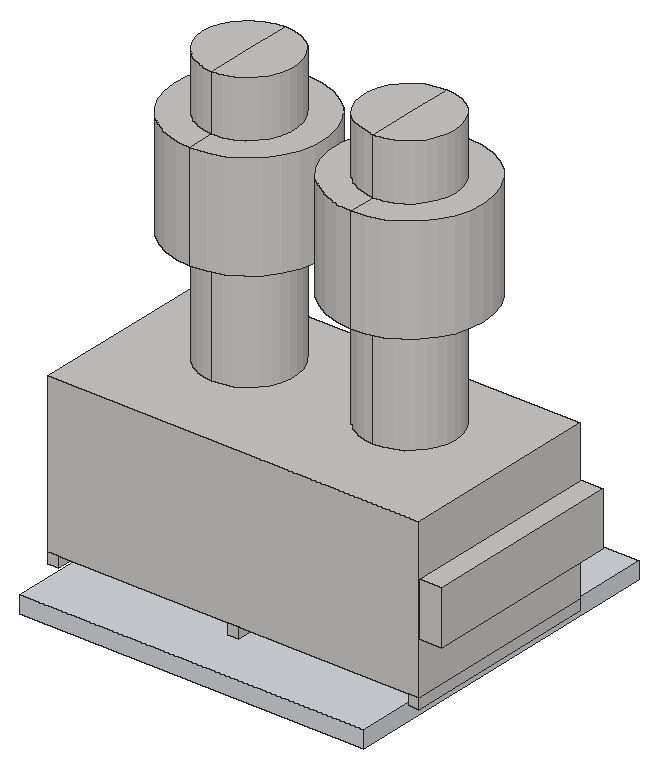
Revit family "DC_Rheem_PLM_B3804HWT", category Plumbing Fixtures, host Face, Revit 2017
Family settings
  Host = Face
  Round Connector Dimension = Use Radius
  Part Type = Normal
  Cut with Voids When Loaded = No
  Shared = No
  Room Calculation Point = No
Parameters
  Width_ANZRS = 1430 mm
  URL = "http://www.rheem.com.au/CommercialProducts"
  Type Comments = "Recovery 14534L/h @ 50°C rise\r\n"
  TopSmallDiameter_ANZRS = 650 mm
  TopH2_ANZRS = 750 mm
  TopH1_ANZRS = 400 mm
  TopBigDiameter_ANZRS = 1050 mm
  Materials_ANZRS = Raypak - Stainless Steel
  PVRRadius_ANZRS = 15 mm
  PVRDistance_ANZRS = 400 mm
  Model = "B3804NCM/HWT\r\n"
  Manufacturer = "Raypak\r\n"
  Length_ANZRS = 2635 mm
  HotWaterPipeDistance_ANZRS = 235 mm
  HotWaterPipeRadius_ANZRS = 20 mm
  Height_ANZRS = 3165 mm
  Gas Pipe Radius = 15 mm
  GasPipeHeight_ANZRS = 600 mm
  GasPipeDistance_ANZRS = 210 mm
  EleBoxWidth_ANZRS = 160 mm
  EleBoxHeightFromBase_ANZRS = 450 mm
  EleBoxHeight_ANZRS = 380 mm
  DesignBy_ANZRS = "Design Content ©"
  Description = "Raypak - Gas Water Heater- Outdoor - 3804 MJ/h  Natural gas, modulating gas control\r\n"
  Default Elevation = 1219.2 mm
  Connection Height_ANZRS = 910 mm
  ColdWaterPipeRadius_ANZRS = 20 mm
  ColdWaterPipeDistance_ANZRS = 567 mm
  BoxHeight_ANZRS = 1195 mm
  BaseWidth_ANZRS = 75 mm
  BaseHeight_ANZRS = 75 mm
  BaseDistance_ANZRS = 0 mm
  Author_ANZRS = "DM"
  Assembly Code = ""
  A1_ANZRS = 746 mm
Types (5, lengths in mm): name | Type Comments | Model | Description
  (no name) | "Recovery 14534L/h @ 50°C rise\r\n" | "B3804NCM/HWT\r\n" | "Raypak - Gas Water Heater- Outdoor - 3804 MJ/h  Natural gas, modulating gas control\r\n"
  Raypak - Gas Water Heater- Outdoor - 3804 MJ/h  Natural gas, modulating gas control | "Recovery 14534L/h @ 50°C rise\r\n" | "B3804NCM/HWT\r\n" | "Raypak - Gas Water Heater- Outdoor - 3804 MJ/h  Natural gas, modulating gas control\r\n"
  Raypak - Gas Water Heater- Outdoor - 3804 MJ/h  Natural gas, On/Off gas control | "Recovery 14534L/h @ 50°C rise\r\n" | "B3804NCO/HWT\r\n\r\n" | "Raypak - Gas Water Heater- Outdoor - 3804 MJ/h  Natural gas, On/Off gas control\r\n"
  Raypak - Gas Water Heater- Outdoor - 4045 MJ/h  Propane gas, modulating gas control | "Recovery 15409L/h @ 50°C rise\r\n" | "B3804PCM/HWT\r\n\r\n\r\n" | "Raypak - Gas Water Heater- Outdoor - 3804 MJ/h  Natural gas, modulating gas control\r\n"
  Raypak - Gas Water Heater- Outdoor - 4045 MJ/h  Propane gas, On/Off gas control | "Recovery 15409L/h @ 50°C rise\r\n" | "B3804PCO/HWT\r\n" | "Raypak - Gas Water Heater- Outdoor - 4045 MJ/h  Propane gas, On/Off gas control\r\n"
Reference planes
  plane 1 "Center (Front/Back)": y = 0
  plane 2: z = 0
  plane 3 "Center (Left/Right)": x = 0
  plane 4: z = 75
  plane 5: x = -1317.5
  plane 6: x = 1317.5
  plane 7: x = 1477.5
  plane 8: z = 450
  plane 9: z = 1195
  plane 10: x = -1317.5
  plane 11: x = 1317.5
  plane 12: x = -1242.5
  plane 13: x = 1242.5
  plane 14: y = 580
  plane 15: y = -850
  plane 16: z = 3165
  plane 17: z = 2765
  plane 18: z = 2015
  plane 19: y = 325
  plane 20: y = -325
  plane 21: y = 525
  plane 22: y = -525
  plane 23: z = 910
  plane 24: y = 180
  plane 25: y = 345
  plane 26: y = -222
  plane 27: y = -640
  plane 28: z = 600
  plane 29: z = 830
  plane 30: x = -1307.5
  plane 31: x = -1497.5
  plane 32: x = -1397.5
  plane 33: x = -37.5
  plane 34: x = 37.5
  plane 35: x = -571.5
  plane 36: x = 571.5
  plane 37: x = -896.5
  plane 38: x = -246.5
  plane 39: x = -1096.5
  plane 40: x = -46.5
  plane 41: x = 896.5
  plane 42: x = 246.5
  plane 43: x = 1096.5
  plane 44: x = 46.5
Forms (mm)
  Extrusion 1, solid
    sketch origin (0, 0, 0) x (1, 0, 0) y (0, 1, 0)
      loop
        line (-1219.2, 1219.2) -> (-1219.2, -1219.2) -> (1219.2, -1219.2) -> (1219.2, 1219.2) -> (-1219.2, 1219.2)
    from 0 to -120
  Extrusion 2, solid, material "Raypak - Stainless Steel" <- "Materials_ANZRS"
    sketch origin (0, 0, 0) x (1, 0, 0) y (0, 0, 1)
      loop
        line (-1317.5, 75) -> (-1317.5, 0) -> (-1242.5, 0) -> (-1242.5, 75) -> (-1317.5, 75)
      loop
        line (1242.5, 75) -> (1242.5, 0) -> (1317.5, 0) -> (1317.5, 75) -> (1242.5, 75)
      loop
        line (-37.5, 75) -> (-37.5, 0) -> (37.5, 0) -> (37.5, 75) -> (-37.5, 75)
    from -580 to 850
  Extrusion 3, solid, material "Raypak - Stainless Steel" <- "Materials_ANZRS"
    sketch origin (0, 0, 0) x (1, 0, 0) y (0, 1, 0)
      loop
        line (-1317.5, 580) -> (-1317.5, -850) -> (1317.5, -850) -> (1317.5, 580) -> (-1317.5, 580)
    from 75 to 1195
  Revolve 4, solid, material "Raypak - Stainless Steel" <- "Materials_ANZRS"
    sketch origin (-571.5, -4572, 910) x (0, 0, -1) y (0, -1, 0)
      loop
        line (-2255, -4572) -> (-285, -4572) -> (-285, -4247) -> (-1105, -4247) -> (-1105, -4047) -> (-1855, -4047) -> (-1855, -4247) -> (-2255, -4247) -> (-2255, -4572)
      axis (-2255, -4572) -> (-285, -4572)
    angle from 0 to 360
  Extrusion 5, solid, material "Raypak - Stainless Steel" <- "Materials_ANZRS"
    sketch origin (0, 0, 0) x (1, 0, 0) y (0, 0, 1)
      loop
        line (1317.5, 830) -> (1317.5, 450) -> (1477.5, 450) -> (1477.5, 830) -> (1317.5, 830)
    from -580 to 850
  Extrusion 6, solid, material "Raypak - Stainless Steel" <- "Materials_ANZRS"
    sketch origin (0, 0, 0) x (0, 1, 0) y (0, 0, 1)
      loop
        circle (345, 910) r 20
      loop
        circle (-222, 910) r 20
    from -1497.5 to -1317.5
  Extrusion 7, solid, material "Raypak - Stainless Steel" <- "Materials_ANZRS"
    sketch origin (0, 0, 0) x (0, 1, 0) y (0, 0, 1)
      loop
        circle (-640, 600) r 15
    from -1110 to -1317.5
  Extrusion 8, void
    sketch origin (0, 0, 0) x (0, 1, 0) y (0, 0, 1)
      loop
        circle (180, 910) r 15
    from -1317.5 to -1307.5
  Revolve 9, solid, material "Raypak - Stainless Steel" <- "Materials_ANZRS"
    sketch origin (571.5, -4572, 910) x (0, 0, -1) y (0, -1, 0)
      loop
        line (-2255, -4572) -> (-285, -4572) -> (-285, -4247) -> (-1105, -4247) -> (-1105, -4047) -> (-1855, -4047) -> (-1855, -4247) -> (-2255, -4247) -> (-2255, -4572)
      axis (-2255, -4572) -> (-285, -4572)
    angle from 0 to 360
Cuts and joins
  Extrusion 8 cuts Extrusion 3
  joined: Extrusion 3, Extrusion 7
Lines and regions (mm)
  Masking region 1
    outline origin (0, 0, 0) x (0, 1, 0) y (0, 0, 1)
      loop
        line (325, 3165) -> (-325, 3165) -> (-325, 2765) -> (-525, 2765) -> (-525, 2015) -> (-325, 2015) -> (-325, 1195) -> (-850, 1195) -> (-850, 0) -> (580, 0) -> (580, 1195) -> (325, 1195) -> (325, 2015) -> (525, 2015) -> (525, 2765) -> (325, 2765) -> (325, 3165)
  Masking region 2
    outline origin (0, 0, 0) x (1, 0, 0) y (0, 1, 0)
      loop
        line (-1317.5, 580) -> (-1317.5, 365) -> (-1497.5, 365) -> (-1497.5, 325) -> (-1317.5, 325) -> (-1317.5, -202) -> (-1497.5, -202) -> (-1497.5, -242) -> (-1317.5, -242) -> (-1317.5, -625) -> (-1110, -625) -> (-1110, -655) -> (-1317.5, -655) -> (-1317.5, -850) -> (1477.5, -850) -> (1477.5, 580) -> (-1317.5, 580)
  Masking region 3
    outline origin (0, 0, 0) x (1, 0, 0) y (0, 0, 1)
      loop
        line (-246.5, 2765) -> (-246.5, 3165) -> (-571.5, 3165) -> (-896.5, 3165) -> (-896.5, 2765) -> (-1096.5, 2765) -> (-1096.5, 2015) -> (-896.5, 2015) -> (-896.5, 1195) -> (-1317.5, 1195) -> (-1317.5, 930) -> (-1497.5, 930) -> (-1497.5, 890) -> (-1317.5, 890) -> (-1317.5, 615) -> (-1397.5, 615) -> (-1397.5, 585) -> (-1317.5, 585) -> (-1317.5, 75) -> (-1317.5, 0) -> (-1242.5, 0) -> (-1242.5, 75) -> (-37.5, 75) -> (-37.5, 0) -> (37.5, 0) -> (37.5, 75) -> (1242.5, 75) -> (1242.5, 0) -> (1317.5, 0) -> (1317.5, 75) -> (1317.5, 450) -> (1477.5, 450) -> (1477.5, 830) -> (1317.5, 830) -> (1317.5, 1195) -> (896.5, 1195) -> (896.5, 2015) -> (1096.5, 2015) -> (1096.5, 2765) -> (896.5, 2765) -> (896.5, 3165) -> (246.5, 3165) -> (246.5, 2765) -> (46.5, 2765) -> (46.5, 2015) -> (246.5, 2015) -> (246.5, 1195) -> (-246.5, 1195) -> (-246.5, 2015) -> (-46.5, 2015) -> (-46.5, 2765) -> (-246.5, 2765)
  symbolic lines, style "Raypak - Raypak", detail levels fine
    curve 1: line (1317.5, 0, 1195) -> (-1317.5, 0, 1195)
    curve 2: line (1317.5, 0, 75) -> (1317.5, 0, 1195)
    curve 3: line (-1317.5, 0, 1195) -> (-1317.5, 0, 75)
    curve 4: line (-1317.5, 0, 75) -> (1317.5, 0, 75)
    curve 5: line (-1242.5, 0, 0) -> (-1242.5, 0, 75)
    curve 6: line (-1317.5, 0, 0) -> (-1242.5, 0, 0)
    curve 7: line (-1317.5, 0, 75) -> (-1317.5, 0, 0)
    curve 8: line (1317.5, 0, 0) -> (1317.5, 0, 75)
    curve 9: line (1242.5, 0, 75) -> (1242.5, 0, 0)
    curve 10: line (1242.5, 0, 0) -> (1317.5, 0, 0)
    curve 11: line (1317.5, 0, 450) -> (1477.5, 0, 450)
    curve 12: line (1477.5, 0, 450) -> (1477.5, 0, 830)
    curve 13: line (1477.5, 0, 830) -> (1317.5, 0, 830)
    curve 14: line (-1397.5, 0, 585) -> (-1317.5, 0, 585)
    curve 15: line (-1397.5, 0, 615) -> (-1397.5, 0, 585)
    curve 16: line (-1317.5, 0, 615) -> (-1397.5, 0, 615)
    curve 17: line (0, -525, 2765) -> (0, 525, 2765)
    curve 18: line (0, -525, 2015) -> (0, 525, 2015)
    curve 19: line (0, 525, 2015) -> (0, 525, 2765)
    curve 20: line (0, -525, 2765) -> (0, -525, 2015)
    curve 21: line (0, -325, 3165) -> (0, -325, 2765)
    curve 22: line (0, 325, 2765) -> (0, 325, 3165)
    curve 23: line (0, -325, 3165) -> (0, 325, 3165)
    curve 24: line (0, -325, 2015) -> (0, -325, 1195)
    curve 25: line (0, 325, 1195) -> (0, 325, 2015)
    curve 26: line (0, 580, 1195) -> (0, -850, 1195)
    curve 27: line (0, -850, 1195) -> (0, -850, 75)
    curve 28: line (0, 580, 75) -> (0, 580, 1195)
    curve 29: line (0, -850, 75) -> (0, 580, 75)
    curve 30: line (0, 580, 0) -> (0, 580, 75)
    curve 31: line (0, -850, 75) -> (0, -850, 0)
    curve 32: line (0, -850, 0) -> (0, 580, 0)
    curve 33: arc (0, -242, 910) -> (0, -222, 890) -> (0, -202, 910) r 20
    curve 34: arc (0, -202, 910) -> (0, -222, 930) -> (0, -242, 910) r 20
    curve 35: arc (0, -625, 600) -> (0, -640, 585) -> (0, -655, 600) r 15
    curve 36: arc (0, -655, 600) -> (0, -640, 615) -> (0, -625, 600) r 15
    curve 37: arc (0, 325, 910) -> (0, 345, 890) -> (0, 365, 910) r 20
    curve 38: arc (0, 365, 910) -> (0, 345, 930) -> (0, 325, 910) r 20
    curve 39: arc (0, 165, 910) -> (0, 180, 895) -> (0, 195, 910) r 15
    curve 40: arc (0, 195, 910) -> (0, 180, 925) -> (0, 165, 910) r 15
    curve 41: line (1317.5, -850, 0) -> (1317.5, 580, 0)
    curve 42: line (-1317.5, -850, 0) -> (1317.5, -850, 0)
    curve 43: line (-1317.5, 580, 0) -> (-1317.5, -850, 0)
    curve 44: line (1477.5, -850, 0) -> (1477.5, 580, 0)
    curve 45: line (1317.5, -850, 0) -> (1477.5, -850, 0)
    curve 46: line (-1110, -625, 0) -> (-1110, -655, 0)
    curve 47: line (-1110, -625, 0) -> (-1317.5, -625, 0)
    curve 48: line (-1110, -655, 0) -> (-1317.5, -655, 0)
    curve 49: line (37.5, 0, 0) -> (37.5, 0, 75)
    curve 50: line (-1317.5, 0, 75) -> (1317.5, 0, 75)
    curve 51: line (-37.5, 0, 75) -> (-37.5, 0, 0)
    curve 52: line (-37.5, 0, 0) -> (37.5, 0, 0)
    curve 53: line (1477.5, 580, 0) -> (-1317.5, 580, 0)
    curve 54: line (1096.5, 0, 2015) -> (1096.5, 0, 2765)
    curve 55: line (46.5, 0, 2015) -> (46.5, 0, 2765)
    curve 56: line (246.5, 0, 3165) -> (246.5, 0, 2765)
    curve 57: line (896.5, 0, 3165) -> (896.5, 0, 2765)
    curve 58: line (46.5, 0, 2015) -> (1096.5, 0, 2015)
    curve 59: line (46.5, 0, 2765) -> (1096.5, 0, 2765)
    curve 60: line (246.5, 0, 3165) -> (896.5, 0, 3165)
    curve 61: line (246.5, 0, 2015) -> (246.5, 0, 1195)
    curve 62: line (896.5, 0, 2015) -> (896.5, 0, 1195)
    curve 63: line (-246.5, 0, 3165) -> (-571.5, 0, 3165)
    curve 64: line (-571.5, 0, 3165) -> (-896.5, 0, 3165)
    curve 65: line (-571.5, 0, 2765) -> (-1096.5, 0, 2765)
    curve 66: line (-46.5, 0, 2765) -> (-571.5, 0, 2765)
    curve 67: line (-46.5, 0, 2015) -> (-571.5, 0, 2015)
    curve 68: line (-571.5, 0, 2015) -> (-1096.5, 0, 2015)
    curve 69: line (-1096.5, 0, 2015) -> (-1096.5, 0, 2765)
    curve 70: line (-896.5, 0, 3165) -> (-896.5, 0, 2765)
    curve 71: line (-246.5, 0, 3165) -> (-246.5, 0, 2765)
    curve 72: line (-46.5, 0, 2015) -> (-46.5, 0, 2765)
    curve 73: line (-246.5, 0, 2015) -> (-246.5, 0, 1195)
    curve 74: line (-896.5, 0, 2015) -> (-896.5, 0, 1195)
    curve 83: line (-1317.5, 0, 930) -> (-1497.5, 0, 930)
    curve 84: line (-1497.5, 0, 930) -> (-1497.5, 0, 890)
    curve 85: line (-1497.5, 0, 890) -> (-1317.5, 0, 890)
  symbolic lines, style "Raypak - Raypak"
    curve 75: arc (-571.5, -525, 0) -> (-46.5, 0, 0) -> (-571.5, 525, 0) r 525
    curve 76: arc (-571.5, 525, 0) -> (-1096.5, 0, 0) -> (-571.5, -525, 0) r 525
    curve 77: arc (-571.5, 325, 0) -> (-896.5, 0, 0) -> (-571.5, -325, 0) r 325
    curve 78: arc (-571.5, -325, 0) -> (-246.5, 0, 0) -> (-571.5, 325, 0) r 325
    curve 79: arc (571.5, -525, 0) -> (46.5, 0, 0) -> (571.5, 525, 0) r 525
    curve 80: arc (571.5, -325, 0) -> (246.5, 0, 0) -> (571.5, 325, 0) r 325
    curve 81: arc (571.5, 325, 0) -> (896.5, 0, 0) -> (571.5, -325, 0) r 325
    curve 82: arc (571.5, 525, 0) -> (1096.5, 0, 0) -> (571.5, -525, 0) r 525
Dimensions and locks
  "BaseHeight_ANZRS": plane 4 to level
  equal spacing: plane 6, plane 3 "Center (Left/Right)", plane 5
  "Length_ANZRS": plane 5 to plane 6
  "EleBoxWidth_ANZRS": plane 6 to plane 7
  "EleBoxHeightFromBase_ANZRS": plane 8 to Extrusion 1
  "EleBoxHeight_ANZRS": plane 29 to plane 8
  "BaseDistance_ANZRS": plane 10 to plane 5
  "BaseDistance_ANZRS": plane 11 to plane 6
  "BaseWidth_ANZRS": plane 10 to plane 12
  "BaseWidth_ANZRS": plane 11 to plane 13
  plane 1 "Center (Front/Back)" to plane 15 = 850 mm
  "Width_ANZRS": plane 14 to plane 15
  "Height_ANZRS": plane 16 to Extrusion 1
  "TopSmallDiameter_ANZRS": plane 19 to plane 20
  equal spacing: plane 19, plane 1 "Center (Front/Back)", plane 20
  equal spacing: plane 21, plane 1 "Center (Front/Back)", plane 22
  "TopBigDiameter_ANZRS": plane 21 to plane 22
  "Connection Height_ANZRS": plane 23 to Extrusion 1
  "BoxHeight_ANZRS": plane 9 to Extrusion 1
  "PVRDistance_ANZRS": plane 14 to plane 24
  "HotWaterPipeDistance_ANZRS": plane 14 to plane 25
  "ColdWaterPipeDistance_ANZRS": plane 25 to plane 26
  "GasPipeDistance_ANZRS": plane 27 to plane 15
  "GasPipeHeight_ANZRS": plane 28 to Extrusion 1
  "TopH1_ANZRS": plane 16 to plane 17
  "TopH2_ANZRS": plane 17 to plane 18
  locked: plane 5 to plane 30 at 10
  plane 31 to plane 5 = 180 mm
  plane 31 to cut or joined group of Extrusion 3, Extrusion 7, Extrusion 8 = 180 mm
  plane 32 to cut or joined group of Extrusion 3, Extrusion 7, Extrusion 8 = 80 mm
  equal spacing: plane 33, plane 3 "Center (Left/Right)", plane 34
  "BaseWidth_ANZRS": plane 33 to plane 34
  plane 32 to plane 10 = 80 mm
  plane 31 to plane 10 = 180 mm
  "A1_ANZRS": plane 10 to plane 35
  "A1_ANZRS": plane 36 to plane 11
  equal spacing: plane 38, plane 35, plane 37
  "TopSmallDiameter_ANZRS": plane 38 to plane 37
  equal spacing: plane 39, plane 35, plane 40
  "TopBigDiameter_ANZRS": plane 39 to plane 40
  "TopSmallDiameter_ANZRS": plane 42 to plane 41
  "TopBigDiameter_ANZRS": plane 43 to plane 44
  equal spacing: plane 41, plane 36, plane 42
  equal spacing: plane 44, plane 36, plane 43
  "ColdWaterPipeRadius_ANZRS": radius of Extrusion 6 sketch curve
  "HotWaterPipeRadius_ANZRS": radius of Extrusion 6 sketch curve
  "Gas Pipe Radius": radius of Extrusion 7 sketch curve
  "PVRRadius_ANZRS": radius of Extrusion 8 sketch curve
  aligned and locked: plane 2 to Extrusion 1
  aligned and locked: level to Extrusion 1
  aligned and locked: Extrusion 2 sketch curve to plane 4
  aligned and locked: Extrusion 2 sketch curve to plane 10
  aligned and locked: level to Extrusion 2 sketch curve  (x2)
  aligned and locked: plane 12 to Extrusion 2 sketch curve
  aligned and locked: plane 4 to Extrusion 2 sketch curve
  aligned and locked: plane 13 to Extrusion 2 sketch curve
  aligned and locked: plane 11 to Extrusion 2 sketch curve
  aligned and locked: plane 14 to Extrusion 3 sketch curve
  aligned and locked: plane 15 to Extrusion 3 sketch curve
  aligned and locked: plane 6 to Extrusion 3 sketch curve
  aligned and locked: plane 9 to Extrusion 3
  aligned and locked: Extrusion 3 to plane 4
  aligned and locked: Extrusion 2 to plane 15
  aligned and locked: Extrusion 2 to plane 14
  aligned and locked: plane 16 to Revolve 4 sketch curve
  aligned and locked: Revolve 4 sketch curve to plane 20
  aligned and locked: Revolve 4 sketch curve to plane 22
  aligned and locked: plane 9 to Revolve 4 sketch curve
  aligned and locked: Revolve 4 sketch curve to plane 1 "Center (Front/Back)"
  aligned and locked: plane 29 to Extrusion 5 sketch curve
  aligned and locked: Extrusion 5 sketch curve to plane 6
  aligned and locked: Extrusion 5 sketch curve to plane 8
  aligned and locked: plane 7 to Extrusion 5 sketch curve
  aligned and locked: Extrusion 2 to Extrusion 5
  aligned and locked: Extrusion 5 to Extrusion 2
  aligned and locked: plane 25 to Extrusion 6 sketch curve
  aligned and locked: plane 23 to Extrusion 6 sketch curve  (x2)
  aligned and locked: plane 26 to Extrusion 6 sketch curve
  aligned and locked: Extrusion 3 to plane 5
  aligned: Extrusion 6 to plane 5
  aligned: Extrusion 6 to plane 30
  aligned and locked: plane 28 to Extrusion 7 sketch curve
  aligned and locked: plane 27 to Extrusion 7 sketch curve
  aligned: plane 31 to Extrusion 7
  aligned: Extrusion 7 to plane 30
  aligned: plane 5 to Extrusion 7
  aligned and locked: plane 16 to Masking region 1 sketch curve
  aligned and locked: Masking region 1 sketch curve to plane 17
  aligned and locked: Masking region 1 sketch curve to plane 22
  aligned and locked: plane 21 to Masking region 1 sketch curve
  aligned and locked: plane 19 to Masking region 1 sketch curve
  aligned and locked: Masking region 1 sketch curve to plane 20
  aligned and locked: plane 9 to Masking region 1 sketch curve
  aligned and locked: Masking region 1 sketch curve to plane 15
  aligned and locked: plane 14 to Masking region 1 sketch curve
  aligned and locked: Extrusion 1 to Masking region 1 sketch curve
  aligned and locked: Masking region 1 sketch curve to plane 18
  aligned and locked: curve 1 to cut or joined group of Extrusion 3, Extrusion 7, Extrusion 8
  aligned and locked: curve 2 to cut or joined group of Extrusion 3, Extrusion 7, Extrusion 8
  aligned and locked: curve 3 to cut or joined group of Extrusion 3, Extrusion 7, Extrusion 8
  aligned and locked: curve 4 to cut or joined group of Extrusion 3, Extrusion 7, Extrusion 8
  aligned and locked: curve 5 to Extrusion 2
  aligned and locked: curve 6 to Extrusion 2
  aligned and locked: curve 7 to Extrusion 2
  aligned and locked: curve 8 to Extrusion 2
  aligned and locked: curve 9 to Extrusion 2
  aligned and locked: curve 10 to Extrusion 2
  aligned and locked: curve 11 to Extrusion 5
  aligned and locked: curve 12 to Extrusion 5
  aligned and locked: curve 13 to Extrusion 5
  aligned: curve 15 to cut or joined group of Extrusion 3, Extrusion 7, Extrusion 8
  aligned and locked: curve 17 to Revolve 4
  aligned and locked: curve 18 to Revolve 4
  aligned and locked: curve 19 to Masking region 1
  aligned and locked: curve 20 to Masking region 1
  aligned and locked: curve 21 to Masking region 1
  aligned and locked: curve 22 to Masking region 1
  aligned and locked: curve 23 to Revolve 4
  aligned and locked: curve 24 to Masking region 1
  aligned and locked: curve 25 to Masking region 1
  aligned and locked: curve 26 to cut or joined group of Extrusion 3, Extrusion 7, Extrusion 8
  aligned and locked: curve 27 to cut or joined group of Extrusion 3, Extrusion 7, Extrusion 8
  aligned and locked: curve 28 to cut or joined group of Extrusion 3, Extrusion 7, Extrusion 8
  aligned and locked: curve 29 to cut or joined group of Extrusion 3, Extrusion 7, Extrusion 8
  aligned and locked: curve 30 to Extrusion 2
  aligned and locked: curve 31 to Extrusion 2
  aligned and locked: curve 32 to Extrusion 2
  aligned and locked: curve 35 to cut or joined group of Extrusion 3, Extrusion 7, Extrusion 8
  aligned and locked: curve 36 to cut or joined group of Extrusion 3, Extrusion 7, Extrusion 8
  aligned and locked: curve 41 to cut or joined group of Extrusion 3, Extrusion 7, Extrusion 8
  aligned and locked: curve 42 to cut or joined group of Extrusion 3, Extrusion 7, Extrusion 8
  aligned and locked: curve 43 to cut or joined group of Extrusion 3, Extrusion 7, Extrusion 8
  aligned and locked: curve 44 to Extrusion 5
  aligned and locked: curve 45 to Extrusion 5
  aligned: curve 46 to cut or joined group of Extrusion 3, Extrusion 7, Extrusion 8
  aligned and locked: plane 31 to Extrusion 6
  aligned: plane 5 to Extrusion 6
  aligned: plane 32 to Extrusion 7
  aligned and locked: curve 49 to Extrusion 2
  aligned and locked: curve 50 to cut or joined group of Extrusion 3, Extrusion 7, Extrusion 8
  aligned and locked: curve 51 to Extrusion 2
  aligned and locked: curve 52 to Extrusion 2
  aligned and locked: Masking region 2 sketch curve to curve 53
  aligned and locked: Masking region 2 sketch curve to Extrusion 2
  aligned and locked: Masking region 2 sketch curve to Extrusion 5  (x2)
  aligned and locked: Masking region 2 sketch curve to Extrusion 6
  aligned and locked: Masking region 2 sketch curve to cut or joined group of Extrusion 3, Extrusion 7, Extrusion 8
  aligned and locked: plane 32 to curve 15
  aligned and locked: plane 24 to Extrusion 8 sketch curve
  aligned and locked: plane 23 to Extrusion 8 sketch curve
  aligned and locked: Extrusion 8 to plane 5
  aligned: Extrusion 6 to Extrusion 8
  aligned and locked: curve 47 to Extrusion 7
  aligned and locked: cut or joined group of Extrusion 3, Extrusion 7, Extrusion 8 to plane 10
  aligned and locked: Extrusion 8 to plane 30
  aligned and locked: Extrusion 6 to plane 10
  aligned and locked: plane 22 to Revolve 9 sketch curve
  aligned and locked: Revolve 9 sketch curve to plane 18
  aligned and locked: plane 20 to Revolve 9 sketch curve  (x2)
  aligned and locked: Revolve 9 sketch curve to plane 16
  aligned and locked: Revolve 9 sketch curve to plane 17
  aligned and locked: Revolve 9 sketch curve to plane 1 "Center (Front/Back)"
  aligned and locked: curve 54 to plane 43
  aligned and locked: curve 55 to plane 44
  aligned and locked: curve 56 to plane 42
  aligned and locked: plane 41 to curve 57
  aligned and locked: curve 58 to plane 18
  aligned and locked: curve 59 to plane 17
  aligned and locked: curve 60 to plane 16
  aligned and locked: curve 63 to Revolve 4
  aligned and locked: curve 64 to Revolve 4
  aligned and locked: curve 65 to Revolve 4
  aligned and locked: curve 66 to Revolve 4
  aligned and locked: curve 67 to Revolve 4
  aligned and locked: curve 68 to Revolve 4
  aligned and locked: curve 69 to plane 39
  aligned and locked: curve 70 to plane 37
  aligned and locked: plane 38 to curve 71
  aligned and locked: curve 72 to plane 40
  aligned and locked: plane 17 to curve 72
  aligned and locked: plane 17 to curve 70
  aligned and locked: plane 17 to curve 71
  aligned and locked: plane 18 to curve 74
  aligned and locked: plane 18 to curve 73
  aligned and locked: Masking region 3 sketch curve to curve 71
  aligned and locked: Masking region 3 sketch curve to curve 63
  aligned and locked: Masking region 3 sketch curve to curve 64
  aligned and locked: Masking region 3 sketch curve to curve 70
  aligned and locked: Masking region 3 sketch curve to curve 56
  aligned and locked: Masking region 3 sketch curve to curve 60
  aligned and locked: Masking region 3 sketch curve to curve 57
  aligned and locked: Revolve 4 to Masking region 3 sketch curve  (x2)
  aligned and locked: Masking region 3 sketch curve to Revolve 4  (x2)
  aligned and locked: Masking region 3 sketch curve to curve 69
  aligned and locked: Masking region 3 sketch curve to curve 72
  aligned and locked: Masking region 3 sketch curve to curve 74
  aligned and locked: Masking region 3 sketch curve to curve 73
  aligned and locked: Masking region 3 sketch curve to curve 61
  aligned and locked: Masking region 3 sketch curve to curve 62
  aligned and locked: Revolve 9 to Masking region 3 sketch curve  (x2)
  aligned and locked: Masking region 3 sketch curve to Revolve 9  (x2)
  aligned and locked: Masking region 3 sketch curve to curve 54
  aligned and locked: Masking region 3 sketch curve to curve 55
  aligned and locked: Masking region 3 sketch curve to cut or joined group of Extrusion 3, Extrusion 7, Extrusion 8  (x3)
  aligned and locked: Masking region 3 sketch curve to Extrusion 2  (x9)
  aligned and locked: cut or joined group of Extrusion 3, Extrusion 7, Extrusion 8 to Masking region 3 sketch curve
  aligned and locked: Masking region 3 sketch curve to Extrusion 5  (x3)
  aligned and locked: plane 9 to curve 73
  aligned and locked: plane 9 to curve 74
  aligned and locked: curve 75 to Revolve 4
  aligned and locked: curve 76 to Revolve 4
  aligned and locked: curve 77 to Revolve 4
  aligned and locked: curve 78 to Revolve 4
  aligned and locked: curve 79 to Revolve 9
  aligned and locked: curve 80 to Revolve 9
  aligned and locked: curve 81 to Revolve 9
  aligned and locked: curve 82 to Revolve 9
  aligned and locked: plane 31 to Masking region 3 sketch curve
  aligned and locked: plane 32 to Masking region 3 sketch curve
  aligned and locked: curve 83 to Masking region 3
  aligned and locked: curve 84 to Extrusion 6
  aligned and locked: curve 85 to Masking region 3
Automatic sketch dimensions
  curve 43 to plane 5 = 0 mm
  curve 45 to plane 6 = 0 mm
  curve 44 to plane 7 = 0 mm
  curve 42 to plane 15 = 0 mm
  plane 14 to curve 44 = 0 mm
  plane 27 to curve 48 = 15 mm
  curve 47 to plane 27 = 15 mm
  curve 33 to curve 34 = 0 mm  (x2)
  curve 35 to curve 36 = 0 mm  (x2)
  curve 37 to curve 38 = 0 mm  (x2)
  curve 39 to curve 40 = 0 mm  (x2)
  curve 31 to plane 4 = 0 mm
  curve 31 to plane 15 = 0 mm
  curve 36 to plane 28 = 0 mm
  curve 35 to plane 27 = 0 mm
  curve 18 to plane 18 = 0 mm
  curve 18 to plane 22 = 0 mm
  curve 23 to plane 16 = 0 mm
  curve 23 to plane 20 = 0 mm
  curve 24 to plane 9 = 0 mm
  curve 24 to plane 20 = 0 mm
  curve 33 to plane 23 = 0 mm
  curve 33 to plane 26 = 0 mm
  curve 39 to plane 23 = 0 mm
  curve 40 to plane 24 = 0 mm
  curve 22 to plane 19 = 0 mm
  curve 25 to plane 19 = 0 mm
  curve 37 to plane 23 = 0 mm
  curve 37 to plane 25 = 0 mm
  plane 17 to curve 19 = 0 mm
  curve 19 to plane 21 = 0 mm
  curve 29 to plane 14 = 0 mm
  curve 32 to level = 0 mm
  curve 36 to curve 35 = 15 mm
  plane 26 to curve 33 = 20 mm
  plane 24 to curve 39 = 15 mm
  plane 25 to curve 37 = 20 mm
  Extrusion 1 sketch curve to Extrusion 1 sketch curve = 2438.4 mm  (x2)
  Extrusion 2 sketch curve to plane 4 = 0 mm
  plane 33 to Extrusion 2 sketch curve = 0 mm
  Extrusion 2 sketch curve to level = 0 mm
  Extrusion 2 sketch curve to plane 34 = 0 mm
  Extrusion 3 sketch curve to plane 5 = 0 mm
  Masking region 1 sketch curve to plane 17 = 0 mm
  Masking region 1 sketch curve to plane 20 = 0 mm
  Masking region 1 sketch curve to plane 19 = 0 mm
  Masking region 1 sketch curve to plane 9 = 0 mm
  Masking region 1 sketch curve to plane 18 = 0 mm
  Masking region 2 sketch curve to plane 31 = 0 mm
  Masking region 2 sketch curve to plane 5 = 0 mm  (x3)
  plane 27 to Masking region 2 sketch curve = 15 mm
  Masking region 2 sketch curve to plane 27 = 15 mm
  plane 26 to Masking region 2 sketch curve = 20 mm
  Masking region 2 sketch curve to plane 26 = 20 mm
  plane 25 to Masking region 2 sketch curve = 20 mm
  Masking region 2 sketch curve to plane 25 = 20 mm
  plane 32 to curve 14 = 0 mm
  curve 3 to plane 4 = 0 mm
  curve 3 to plane 5 = 0 mm
  curve 6 to level = 0 mm
  curve 6 to plane 5 = 0 mm
  plane 12 to curve 6 = 0 mm
  curve 74 to plane 37 = 0 mm
  curve 63 to plane 16 = 0 mm
  plane 35 to curve 63 = 0 mm
  plane 35 to curve 67 = 0 mm
  plane 35 to curve 66 = 0 mm
  plane 38 to curve 73 = 0 mm
  plane 33 to curve 51 = 0 mm
  curve 49 to plane 34 = 0 mm
  curve 61 to plane 42 = 0 mm
  plane 41 to curve 62 = 0 mm
  curve 10 to level = 0 mm
  curve 10 to plane 13 = 0 mm
  plane 6 to curve 4 = 0 mm
  plane 6 to curve 10 = 0 mm
  plane 7 to curve 12 = 0 mm
  curve 52 to level = 0 mm
  curve 11 to plane 8 = 0 mm
  curve 13 to plane 29 = 0 mm
  curve 14 to plane 28 = 15 mm
  plane 28 to curve 16 = 15 mm
  Revolve 9 sketch curve to plane 1 "Center (Front/Back)" = 0 mm
  Revolve 9 sketch curve to plane 9 = 0 mm
  Revolve 9 sketch curve to Revolve 9 sketch curve = 51.193 mm
  level to Revolve 9 sketch curve = 2207.352 mm
  Revolve 4 sketch curve to plane 1 "Center (Front/Back)" = 0 mm
  Revolve 4 sketch curve to plane 17 = 0 mm
  Revolve 4 sketch curve to plane 18 = 0 mm
  Revolve 4 sketch curve to plane 20 = 0 mm
  Revolve 4 sketch curve to plane 16 = 51.193 mm
  Revolve 4 sketch curve to level = 2207.352 mm
  plane 35 to Masking region 3 sketch curve = 0 mm
  plane 6 to Masking region 3 sketch curve = 0 mm
  Masking region 3 sketch curve to plane 4 = 0 mm  (x3)
  Masking region 3 sketch curve to plane 9 = 0 mm  (x2)
  Masking region 3 sketch curve to plane 28 = 15 mm
  plane 28 to Masking region 3 sketch curve = 15 mm
  Masking region 3 sketch curve to plane 23 = 20 mm
  plane 23 to Masking region 3 sketch curve = 20 mm
  Masking region 3 sketch curve to plane 5 = 0 mm
  plane 31 to curve 83 = 0 mm
  plane 23 to curve 83 = 20 mm
  curve 84 to plane 23 = 20 mm
Connectors
  piping at (-1110, -640, 600), diameter 30, driven by "Gas Pipe Radius"
    settings: on cut or joined group of Extrusion 3, Extrusion 7, Extrusion 8, index 4, connector inside diameter 1.1811", connector length 0 mm, flow factor 0, pipe flow 0 GPM, pressure drop 0.00 psi, fitting loss kfactor 0, connector angle 0.00°, fixture units 0, engagement length 0 mm, angle of deflection 0.00°, flow configuration 1, flow direction 1, fitting loss method 0, system type 22, joint type 0, gender type 0, connector reference index -1, connector utility 0, adjustable connector no, is connector primary yes, connector description ""
  piping at (-1497.5, 345, 910), diameter 40, driven by "HotWaterPipeRadius_ANZRS"
    settings: on Extrusion 6, index 5, connector inside diameter 1.5748", connector length 0 mm, flow factor 0, pipe flow 0 GPM, pressure drop 0.00 psi, fitting loss kfactor 0, connector angle 0.00°, fixture units 0, engagement length 0 mm, angle of deflection 0.00°, flow configuration 1, flow direction 1, fitting loss method 0, system type 19, joint type 0, gender type 0, connector reference index -1, connector utility 0, adjustable connector no, is connector primary no, connector description ""
  piping at (-1497.5, -222, 910), diameter 40, driven by "ColdWaterPipeRadius_ANZRS"
    settings: on Extrusion 6, index 7, connector inside diameter 1.5748", connector length 0 mm, flow factor 0, pipe flow 0 GPM, pressure drop 0.00 psi, fitting loss kfactor 0, connector angle 0.00°, fixture units 0, engagement length 0 mm, angle of deflection 0.00°, flow configuration 1, flow direction 1, fitting loss method 0, system type 20, joint type 0, gender type 0, connector reference index -1, connector utility 0, adjustable connector no, is connector primary no, connector description ""
  piping at (-1317.5, 180, 910), diameter 30, driven by "PVRRadius_ANZRS"
    settings: on cut or joined group of Extrusion 3, Extrusion 7, Extrusion 8, index 8, connector inside diameter 1.1811", connector length 0 mm, flow factor 0, pipe flow 0 GPM, pressure drop 0.00 psi, fitting loss kfactor 0, connector angle 0.00°, fixture units 0, engagement length 0 mm, angle of deflection 0.00°, flow configuration 1, flow direction 1, fitting loss method 0, system type 22, joint type 0, gender type 0, connector reference index -1, connector utility 0, adjustable connector no, is connector primary no, connector description ""
